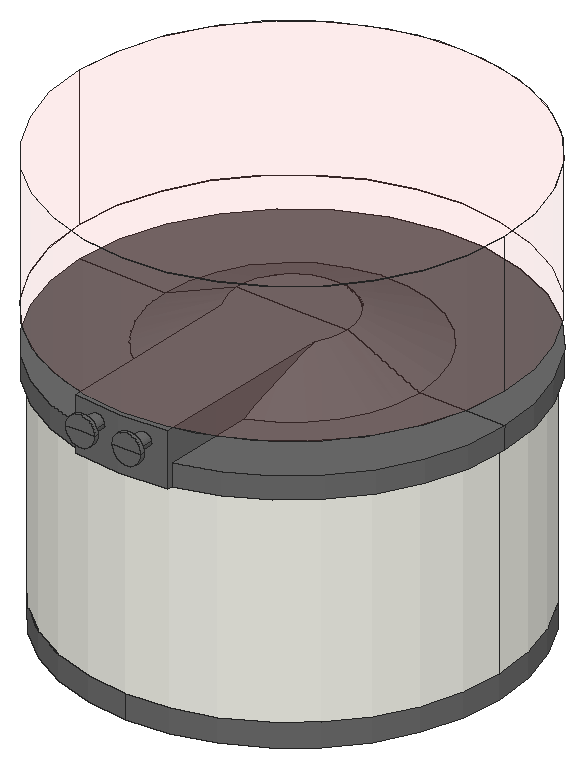
Revit family
Parameters (values of type "1045A")
  Watermarked By = "http://revitwatermark.com"
  Water_Ice Tank Volume = "410 Gallons"
  Warning = "Ice tanks are a component in an ice storage system including chillers, pumps, and controls. Contact CALMAC for IceBank® selection support to make sure all system components will work together properly."
  URL = "http://www.calmac.com/"
  Total Cooling Capacity [instance] = 0.0 ton
  Tank Net Usable Capacity = "41 Ton-Hrs"
  Surface Finish = Plastic- Calmac- Black
  Supply Coolant Temperature [instance] = -459.67 °F
  Storage Inlet Temperature [instance] = 60 °F
  Shipping Weight = 580.00 lbf
  Return Coolant Temperature [instance] = -459.67 °F
  Requires Plate Heat Exchanger [instance] = no
  Project/Customer = ""
  Product Page URL = "http://www.calmac.com/products/icebank.asp"
  Product Documentation Link = "http://www.calmac.com/products/documents/IceBankModel1045ACS-77June2009.pdf"
  Pressure Drop [instance] = 0.00 psi
  Precool Hours [instance] = 0
  Pipe Material = Plastic- Calmac- Black
  Operating Weight = 4380.00 lbf
  Occupied Hours [instance] = 0
  Model = "1045A"
  Maximum Operating Temperature = "38°C"
  Maximum Operating Pressure = "620 kPa"
  Manufacturer e-mail = "info@Calmac.com"
  Manufacturer Contact Details = "CALMAC Manufacturing Corporation Headquarters, 3-00 Banta Place, Fair Lawn, NJ  07410, Tel: (201) 797-1511, Fax: (201) 797-1522"
  Manufacturer = "CALMAC Manufacturing Corp."  # constant formula
  Main Use [instance] = ""
  Location [instance] = ""
  Lid Diameter = 6' - 1 3/4"  # constant formula
  Leg 4 = 3' - 0 7/8"  # constant formula
  Leg 1 = 3' - 0 7/8"  # constant formula
  Latent Cooling Capacity [instance] = 0.0 ton
  Inlet Outlet Center Height = 3' - 9 1/2"  # constant formula
  Heat Exchanger Volume = " 410 Gallons"
  Has Rigging Bar [instance] = no
  Has Plate and Frame Heat Exchanger [instance] = no
  Has Ice Inventory Meter [instance] = no
  Has Heat Transfer Fluid [instance] = no
  Has Glycol Management System [instance] = no
  Front Connector Offset = 3' - 4 7/8"  # constant formula
  Floor Loading Weight = "147 lb/sq.ft."
  Factory Tested Pressure = "1724 kPa"
  Diversity Factor [instance] = 0
  Discharge Rate [instance] = 0
  Discharge Hours [instance] = 0
  Description = "Off-Peak Cooling System"
  Connector Distance = 0' - 8"  # constant formula
  Is Clearance Box Visible [instance] = yes
  Clearance Box Height = 2' - 0"  # constant formula
  City/State [instance] = ""
  CTRL On = yes
  CTRL Off = not(CTRL On)  # no
  CTRL Hydronic Supply Description = "Hydronic Supply"  # constant formula
  CTRL Hydronic Return Description = "Hydronic Return"  # constant formula
  CTRL Base Radius = 2' - 11 63/64"  # constant formula
  Body Material = Plastic- Calmac- Off_White
  Has Solid Base [instance] = yes
  Base Height = Inlet Outlet Center Height - 0' 6 1/4"  # 3' - 3 1/4"
  Base Finish = Plastic- Calmac- Black
  Assembly Code = "D3030300"
  Actual Chilled Water Flow [instance] = 0 GPM
Values of the unnamed type that differ from the named types
  Watermarked By = ""
Reference planes (in)
  plane 1 "Center (Front/Back)": y = 0
  plane 2 "Bottom": z = 0
  plane 3 "Center (Left/Right)": x = 0
  plane 4 "T.O. Base": z = 39
  plane 5 "Right": x = 36.875
  plane 6 "Left": x = -36.875
  plane 7 "Connector Face": y = -40.875
  plane 8 "Back": y = 36.875
  plane 9 "Center Connector Left": x = -4
  plane 10 "Center Connector Right": x = 4
  plane 11 "Lid Front": y = -36.875
  plane 12 "T.O. Lid": z = 48.25
  plane 13 "Inlet/Outlet Center Elevation": z = 45.5
  plane 14 "Top": z = 74.75
Dimensions and locks (in)
  "Leg 1": plane 3 "Center (Left/Right)" to plane 5 "Right"
  "Leg 4": plane 6 "Left" to plane 3 "Center (Left/Right)"
  equal spacing: plane 9 "Center Connector Left", plane 3 "Center (Left/Right)", plane 10 "Center Connector Right"
  "Connector Distance": plane 9 "Center Connector Left" to plane 10 "Center Connector Right"
  equal spacing: plane 11 "Lid Front", plane 1 "Center (Front/Back)", plane 8 "Back", locked at 36.875 each
  locked: plane 12 "T.O. Lid" to plane 13 "Inlet/Outlet Center Elevation" at 2.75
  locked: plane 13 "Inlet/Outlet Center Elevation" to plane 4 "T.O. Base" at 6.5
  "Inlet Outlet Center Height": plane 13 "Inlet/Outlet Center Elevation" to plane 2 "Bottom"
  locked: plane 3 "Center (Left/Right)" to plane 9 "Center Connector Left" at 4
  locked: plane 10 "Center Connector Right" to plane 3 "Center (Left/Right)" at 4
  locked: plane 1 "Center (Front/Back)" to plane 8 "Back" at 36.875
  locked: plane 11 "Lid Front" to plane 1 "Center (Front/Back)" at 36.875
  locked: plane 14 "Top" to plane 13 "Inlet/Outlet Center Elevation" at 29.25
  "Front Connector Offset": plane 1 "Center (Front/Back)" to plane 7 "Connector Face"
  plane 7 "Connector Face" to plane 11 "Lid Front" = 0' - 4"
  aligned and locked: plane 1 "Center (Front/Back)" to nested 1
  aligned and locked: plane 1 "Center (Front/Back)" to nested 2
  aligned and locked: plane 4 "T.O. Base" to nested 2
  aligned and locked: plane 3 "Center (Left/Right)" to nested 2
  aligned: plane 4 "T.O. Base" to nested 1  (x2)
  aligned and locked: plane 2 "Bottom" to nested 1
  aligned and locked: plane 3 "Center (Left/Right)" to nested 1
Nested families (in)
  nested 1: "Cooling_Plant_Accessories-Calmac-IceBank-Base" at (0, 0, 0), type "Base"
    with Is Symbolic Line Visible no, Has Solid Base yes, CTRL Inner Wall Radius 2' - 11 7/64", CTRL Base Radius 2' - 11 63/64", Base Height 3' - 3 1/4"
  nested 2: "Cooling_Plant_Accessories-Calmac-IceBank-Lid_A" at (0, 0, 39), Diameter <- "Lid Diameter", Clearance Box Height <- "Clearance Box Height", Is Clearance Box Visible <- "Is Clearance Box Visible", type "Lid-A"
    with Is Clearance Box Visible yes, Diameter 6' - 1 3/4", Clearance Box Height 2' - 0", CTRL Symbolic Line Offset 0' - 6", CTRL Radius 3' - 0 7/8", CTRL Clearance Box Height 2' - 9"
Connectors (in)
  piping at (-3.99016, -40.875, 45.5), driven by "CTRL Hydronic Supply Description", driven by "Actual Chilled Water Flow"
    settings: on nested 2, index 1, connector radius 1", flow factor 0, pipe flow 0 GPM, pressure drop 0.00 psi, fitting loss kfactor 0, connector angle 0.00°, fixture units 0, flow configuration 0, flow direction 2, fitting loss method 0, system type 7, connector reference index -1, connector utility 0, adjustable connector no, is connector primary yes, fitting loss table "", connector description "Hydronic Supply"
  piping at (3.99933, -40.875, 45.5), driven by "Actual Chilled Water Flow", driven by "CTRL Hydronic Return Description"
    settings: on nested 2, index 2, connector radius 1", flow factor 0, pipe flow 0 GPM, pressure drop 0.00 psi, fitting loss kfactor 0, connector angle 0.00°, fixture units 0, flow configuration 0, flow direction 1, fitting loss method 0, system type 8, connector reference index -1, connector utility 0, adjustable connector no, is connector primary no, fitting loss table "", connector description "Hydronic Return"
Definition of nested family "Cooling_Plant_Accessories-Calmac-IceBank-Base"
  Parameters (values of type "Base")
    Wall Thickness = 0' - 0 7/8"
    URL = "http://www.calmac.com/"
    Type Comments = ""
    Is Symbolic Line Visible = not(Has Solid Base)  # yes
    Has Solid Base = no
    Model = ""
    Manufacturer = "CALMAC Manufacturing Corp."  # constant formula
    CTRL Inner Wall Radius = CTRL Base Radius - Wall Thickness  # 3' - 0"
    CTRL Base Radius = 3' - 0 7/8"
    Body Material = Plastic- Calmac- Off_White
    Base Height = 3' - 7 5/16"
    Base Finish = Plastic- Calmac- Black
    Assembly Code = "D3030"
  Reference planes (in)
    plane 1 "Center (Front/Back)": y = 0
    plane 2 "Bottom": z = 0
    plane 3 "Center (Left/Right)": x = 0
    plane 4 "Back": y = 36.875
    plane 5 "Front": y = -36.875
    plane 6 "Right": x = 36.875
    plane 7 "Left": x = -36.875
    plane 8 "T.O. Base Plate": z = 4
    plane 9 "Right Edge of Right Void": x = 24.125
    plane 10 "Left Edge of Right Void": x = 13.125
    plane 11 "Left Edge of Left Void": x = -24.125
    plane 12 "Right Edge of Left Void": x = -13.125
    plane 13 "T.O. Base Void": z = 2
    plane 14 "T.O. Base": z = 43.3125
  Forms (in)
    Extrusion 1, solid, material "Plastic- Calmac- Black" <- "Base Finish", visible <- "Is Symbolic Line Visible", detail levels fine
      sketch origin (0, 0, 0) x (1, 0, 0) y (0, 1, 0)
        loop
          circle (0, 0) r 36.875
      from 0 to 4
    Extrusion 2, void
      sketch origin (0, 0, 0) x (1, 0, 0) y (0, 1, 0)
        loop
          line (-24.125, 36.875) -> (-24.125, -36.875) -> (-13.125, -36.875) -> (-13.125, 36.875) -> (-24.125, 36.875)
        loop
          line (13.125, 36.875) -> (13.125, -36.875) -> (24.125, -36.875) -> (24.125, 36.875) -> (13.125, 36.875)
      from 0 to 2
    Extrusion 3, solid, material "Plastic- Calmac- Off_White" <- "Body Material", detail levels fine
      sketch origin (0, 0, 0) x (1, 0, 0) y (0, 1, 0)
        loop
          circle (0, 0) r 36.875
        loop
          circle (0, 0) r 36
      from 4 to 43.3125
    Extrusion 4, solid, material "Plastic- Calmac- Black" <- "Base Finish", visible <- "Has Solid Base", detail levels fine
      sketch origin (0, 0, 43.3125) x (0, -1, 0) y (1, 0, 0)
        loop
          circle (0, 0) r 36.875
      from -43.3125 to -39.3125
  Cuts and joins
    Extrusion 2 cuts Extrusion 3
    Extrusion 2 cuts Extrusion 1
  Lines and regions (in)
    Masking region 1
      outline origin (0, 0, 0) x (1, 0, 0) y (0, 1, 0)
        loop
          circle (0, 0) r 36.875
    Masking region 2
      outline origin (0, 0, 0) x (1, 0, 0) y (0, 0, 1)
        loop
          line (-36.875, 0) -> (36.875, 0) -> (36.875, 43.3125) -> (-36.875, 43.3125) -> (-36.875, 0)
    Masking region 3
      outline origin (0, 0, 0) x (0, 1, 0) y (0, 0, 1)
        loop
          line (-36.875, 0) -> (36.875, 0) -> (36.875, 43.3125) -> (-36.875, 43.3125) -> (-36.875, 0)
    symbolic lines, style "Base", detail levels medium+fine
      curve 1: line (-36.875, 0, 4) -> (36.875, 0, 4)
      curve 8: line (0, -36.875, 4) -> (0, 36.875, 4)
    symbolic lines, style "Base", visible <- "Is Symbolic Line Visible", detail levels medium+fine
      curve 2: line (-24.125, 0, 0) -> (-24.125, 0, 2)
      curve 3: line (-24.125, 0, 2) -> (-13.125, 0, 2)
      curve 4: line (13.125, 0, 2) -> (24.125, 0, 2)
      curve 5: line (13.125, 0, 0) -> (13.125, 0, 2)
      curve 6: line (24.125, 0, 0) -> (24.125, 0, 2)
      curve 7: line (-13.125, 0, 0) -> (-13.125, 0, 2)
    model lines, style "Base", detail levels medium
      curve 9: circle (0, 0, 43.3125) r 36.875 normal (0, 0, 1)
      curve 10: circle (0, 0, 4) r 36.875 normal (0, 0, 1)
      curve 11: circle (0, 0, 0) r 36.875 normal (0, 0, 1)
      curve 12: line (36.875, 0, 0) -> (36.875, 0, 43.3125)
      curve 13: line (-36.875, 0, 0) -> (-36.875, 0, 43.3125)
      curve 14: line (0, -36.875, 0) -> (0, -36.875, 43.3125)
      curve 15: line (0, 36.875, 0) -> (0, 36.875, 43.3125)
    model lines, style "Base", detail levels coarse
      curve 16: line (0, 0, 0) -> (0, 0, 43.3125)
  Dimensions and locks (in)
    locked: plane 7 "Left" to plane 11 "Left Edge of Left Void" at 12.75
    locked: plane 7 "Left" to plane 12 "Right Edge of Left Void" at 23.75
    locked: plane 9 "Right Edge of Right Void" to plane 6 "Right" at 12.75
    locked: plane 10 "Left Edge of Right Void" to plane 6 "Right" at 23.75
    "CTRL Base Radius": plane 7 "Left" to plane 3 "Center (Left/Right)"
    "CTRL Base Radius": plane 3 "Center (Left/Right)" to plane 6 "Right"
    "CTRL Base Radius": plane 1 "Center (Front/Back)" to plane 4 "Back"
    "CTRL Base Radius": plane 5 "Front" to plane 1 "Center (Front/Back)"
    locked: plane 8 "T.O. Base Plate" to plane 2 "Bottom" at 4
    "Base Height": plane 14 "T.O. Base" to plane 2 "Bottom"
    locked: plane 13 "T.O. Base Void" to plane 2 "Bottom" at 2
    "CTRL Base Radius": radius of Extrusion 1 sketch curve
    "CTRL Base Radius": radius of Extrusion 3 sketch curve
    "CTRL Inner Wall Radius": radius of Extrusion 3 sketch curve
    "CTRL Base Radius": radius of Masking region 1 sketch curve
    "CTRL Base Radius": radius of curve 9
    "CTRL Base Radius": radius of curve 10
    "CTRL Base Radius": radius of curve 11
    "CTRL Base Radius": radius of Extrusion 4 sketch curve
    aligned and locked: plane 3 "Center (Left/Right)" to Extrusion 1 sketch curve
    aligned and locked: plane 1 "Center (Front/Back)" to Extrusion 1 sketch curve
    aligned and locked: Extrusion 1 to plane 2 "Bottom"
    aligned and locked: plane 8 "T.O. Base Plate" to Extrusion 1
    aligned and locked: plane 2 "Bottom" to Extrusion 1
    aligned and locked: Extrusion 2 sketch curve to plane 4 "Back"  (x2)
    aligned and locked: Extrusion 2 sketch curve to plane 12 "Right Edge of Left Void"
    aligned and locked: plane 11 "Left Edge of Left Void" to Extrusion 2 sketch curve
    aligned and locked: Extrusion 2 sketch curve to plane 5 "Front"  (x2)
    aligned and locked: Extrusion 2 sketch curve to plane 10 "Left Edge of Right Void"
    aligned and locked: Extrusion 2 sketch curve to plane 9 "Right Edge of Right Void"
    aligned and locked: plane 13 "T.O. Base Void" to Extrusion 2
    aligned and locked: Extrusion 2 to plane 2 "Bottom"
    aligned and locked: Extrusion 2 to plane 5 "Front"
    aligned and locked: plane 4 "Back" to Extrusion 2
    aligned and locked: Extrusion 2 to plane 13 "T.O. Base Void"  (x2)
    aligned and locked: plane 11 "Left Edge of Left Void" to Extrusion 2
    aligned and locked: plane 2 "Bottom" to Extrusion 2  (x2)
    aligned and locked: Extrusion 2 to plane 12 "Right Edge of Left Void"
    aligned and locked: plane 10 "Left Edge of Right Void" to Extrusion 2
    aligned and locked: Extrusion 2 to plane 9 "Right Edge of Right Void"
    aligned and locked: plane 3 "Center (Left/Right)" to Extrusion 3 sketch curve  (x2)
    aligned and locked: plane 1 "Center (Front/Back)" to Extrusion 3 sketch curve  (x2)
    aligned and locked: Extrusion 3 to plane 8 "T.O. Base Plate"
    aligned and locked: plane 14 "T.O. Base" to Extrusion 3
    aligned and locked: plane 3 "Center (Left/Right)" to Masking region 1 sketch curve
    aligned and locked: plane 1 "Center (Front/Back)" to Masking region 1 sketch curve
    aligned and locked: Masking region 2 sketch curve to plane 14 "T.O. Base"
    aligned and locked: plane 6 "Right" to Masking region 2 sketch curve
    aligned and locked: plane 2 "Bottom" to Masking region 2 sketch curve
    aligned and locked: Masking region 2 sketch curve to plane 7 "Left"
    aligned and locked: plane 7 "Left" to curve 1
    aligned and locked: plane 6 "Right" to curve 1
    aligned and locked: curve 1 to plane 8 "T.O. Base Plate"
    aligned and locked: plane 11 "Left Edge of Left Void" to curve 3
    aligned and locked: plane 12 "Right Edge of Left Void" to curve 3
    aligned and locked: curve 3 to plane 13 "T.O. Base Void"
    aligned and locked: plane 2 "Bottom" to curve 2
    aligned and locked: curve 2 to plane 11 "Left Edge of Left Void"
    aligned and locked: plane 10 "Left Edge of Right Void" to curve 4
    aligned and locked: plane 9 "Right Edge of Right Void" to curve 4
    aligned and locked: plane 13 "T.O. Base Void" to curve 5
    aligned and locked: plane 13 "T.O. Base Void" to curve 6
    aligned and locked: plane 2 "Bottom" to curve 5
    aligned and locked: curve 5 to plane 10 "Left Edge of Right Void"
    aligned and locked: curve 6 to plane 9 "Right Edge of Right Void"
    aligned and locked: plane 13 "T.O. Base Void" to curve 7
    aligned and locked: plane 2 "Bottom" to curve 7
    aligned and locked: curve 7 to plane 12 "Right Edge of Left Void"
    aligned and locked: plane 5 "Front" to Masking region 3 sketch curve
    aligned and locked: plane 14 "T.O. Base" to Masking region 3 sketch curve
    aligned and locked: Masking region 3 sketch curve to plane 4 "Back"
    aligned and locked: plane 2 "Bottom" to Masking region 3 sketch curve
    aligned and locked: plane 4 "Back" to curve 8
    aligned and locked: plane 5 "Front" to curve 8
    aligned and locked: curve 8 to plane 8 "T.O. Base Plate"
    aligned and locked: plane 3 "Center (Left/Right)" to curve 9
    aligned and locked: plane 1 "Center (Front/Back)" to curve 9
    aligned and locked: curve 9 to plane 14 "T.O. Base"
    aligned and locked: curve 10 to plane 8 "T.O. Base Plate"
    aligned and locked: plane 3 "Center (Left/Right)" to curve 10
    aligned and locked: plane 1 "Center (Front/Back)" to curve 10
    aligned: curve 11 to plane 2 "Bottom"
    aligned and locked: plane 3 "Center (Left/Right)" to curve 11
    aligned and locked: plane 1 "Center (Front/Back)" to curve 11
    aligned and locked: plane 14 "T.O. Base" to curve 12
    aligned and locked: plane 14 "T.O. Base" to curve 13
    aligned and locked: plane 2 "Bottom" to curve 12
    aligned and locked: plane 2 "Bottom" to curve 13
    aligned and locked: curve 12 to plane 6 "Right"
    aligned and locked: curve 13 to plane 7 "Left"
    aligned and locked: curve 12 to plane 1 "Center (Front/Back)"
    aligned and locked: curve 13 to plane 1 "Center (Front/Back)"
    aligned and locked: plane 14 "T.O. Base" to curve 14
    aligned and locked: plane 14 "T.O. Base" to curve 15
    aligned and locked: plane 2 "Bottom" to curve 14
    aligned and locked: plane 2 "Bottom" to curve 15
    aligned and locked: plane 4 "Back" to curve 15
    aligned and locked: plane 5 "Front" to curve 14
    aligned and locked: plane 3 "Center (Left/Right)" to curve 14
    aligned and locked: plane 3 "Center (Left/Right)" to curve 15
    aligned and locked: plane 14 "T.O. Base" to curve 16
    aligned and locked: plane 2 "Bottom" to curve 16
    aligned and locked: plane 3 "Center (Left/Right)" to curve 16
    aligned and locked: curve 16 to plane 1 "Center (Front/Back)"
    aligned and locked: plane 1 "Center (Front/Back)" to Extrusion 4 sketch curve
    aligned and locked: plane 3 "Center (Left/Right)" to Extrusion 4 sketch curve
    aligned and locked: plane 8 "T.O. Base Plate" to Extrusion 4
    aligned and locked: Extrusion 4 to plane 2 "Bottom"
  Automatic sketch dimensions
    curve 6 to level = 0' - 0"
Definition of nested family "Cooling_Plant_Accessories-Calmac-IceBank-Lid_A"
  Parameters (values of type "Lid_A")
    Surface Finish = Default
    Pipe Material = none
    Diameter [instance] = 6' - 1 3/4"
    Is Clearance Box Visible [instance] = yes
    Clearance Box Height [instance] = 2' - 0"
    CTRL Symbolic Line Offset [instance] = 0' - 6"
    CTRL Radius [instance] = Diameter / 2  # 3' - 0 7/8"
    CTRL Clearance Box Height [instance] = Clearance Box Height + 0' 9"  # 2' - 9"
  Reference planes (in)
    plane 1 "Center (Front/Back)": y = 0
    plane 2 "Bottom": z = 0
    plane 3 "Center (Left/Right)": x = 0
    plane 4 "Back": y = 36.875
    plane 5 "Back Inset": y = 33.06
    plane 6 "Back Bolt Front": y = 33.873
    plane 7 "Front": y = -36.875
    plane 8 "Front Inset": y = -33.06
    plane 9 "Left": x = -36.875
    plane 10 "Left Lip Inset": x = -33.06
    plane 11 "Top Left": x = -9.54335
    plane 12 "Right": x = 36.875
    plane 13 "Top Right": x = 9.54335
    plane 14 "Top": z = 9
    plane 15 "Connector Center(Elevation)": z = 3.75
    plane 16 "Connector Channel Top": z = 8
    plane 17 "Bolt Inset Center": y = 34.87422
    plane 18 "Right Lip Inset": x = 33.06
    plane 19 "Center Offset Right 6": x = 7.19935
    plane 20 "Center OffSet Right 5": x = 6.29557
    plane 21 "Center Offset Right 4": x = 4.96584
    plane 22 "Center Offset Right 2": x = 3.03282
    plane 23 "Center Offset Right 1": x = 1.70309
    plane 24 "Center Offset Right 3": x = 3.99933
    plane 25 "Center Offset Left 6": x = -7.19935
    plane 26 "Center Offset Left 5": x = -6.2864
    plane 27 "Center Offset Left 4": x = -4.95667
    plane 28 "Center Offset Left 2": x = -3.02365
    plane 29 "Center Offset Left 1": x = -1.69392
    plane 30 "Center Offset Left 3": x = -3.99016
    plane 31 "Front Offset 1": y = -37.46731
    plane 32 "Center Offset 2": y = -9.54335
    plane 33 "Center Offset 1": y = -5.20418
    plane 34 "Front Offset 3": y = -40.875
    plane 35 "Front Offset 2": y = -40.25145
    plane 36 "Raised Geometry Right": x = 7.9995
    plane 37 "Raised Geometry Left": x = -7.9995
    plane 38 "Bolt Inset Right": x = 1
    plane 39 "Bolt Inset Left": x = -1
    plane 40: x = 15.52399
    plane 41 "Inspection Port Center (Front/ Back)": y = -23.90104
    plane 42 "T.O. Cllearance Box": z = 33
    plane 43: z = 8.75
    plane 44 "Connectors": z = 6.5
  Forms (in)
    Revolve 1, solid, material "Default" <- "Surface Finish", detail levels fine
      sketch origin (0, 0, 0) x (1, 0, 0) y (0, 0, 1)
        loop
          line (0, 9) -> (0, 0) -> (36.875, 0) -> (36.875, 3.75) -> (22.05979, 3.75) -> (9.54335, 9) -> (0, 9)
        axis (0, 9) -> (0, 0)
      angle from 0 to 360
    Extrusion 2, solid, material "Default" <- "Surface Finish", detail levels fine
      sketch origin (0, 0, 9) x (-1, 0, 0) y (0, -1, 0)
        loop
          arc (7.9995, 36.87418) -> (0.00004, 37.5924) -> (-7.9995, 36.875) r 44.93344
          line (-7.9995, 36.875) -> (-7.9995, 5.20418) -> (7.9995, 5.20418) -> (7.9995, 36.87418)
      from -9 to 0
    Extrusion 3, void
      sketch origin (0, 0, 9) x (-1, 0, 0) y (0, -1, 0)
        loop
          circle (-15.52399, 23.90104) r 2.46875
      from -5.25 to -1
  Cuts and joins
    Extrusion 3 cuts Revolve 1
    Extrusion 3 cuts Extrusion 2
    joined: Revolve 1, Extrusion 2
  Lines and regions (in)
    Masking region 1
      outline origin (0, 0, 3.75) x (-1, 0, 0) y (0, -1, 0)
        loop
          arc (36.83195, -1.78166) -> (29.31329, 22.3718) -> (7.9995, 35.99687) r 36.87501
          line (7.9995, 35.99687) -> (7.9995, 36.875) -> (-7.9995, 36.875) -> (-7.9995, 35.99687)
          arc (-7.9995, 35.99687) -> (-28.78844, 23.04328) -> (-36.87493, -0.0778) r 36.87501
          arc (-36.87493, -0.0778) -> (-0.8522, -36.86517) -> (36.83195, -1.78166) r 36.87501
    Masking region 2
      outline origin (0, -36.875, 0) x (1, 0, 0) y (0, 0, 1)
        loop
          line (-36.875, 0) -> (36.875, 0) -> (36.875, 3.75) -> (22.05979, 3.75) -> (9.54335, 9) -> (-9.54335, 9) -> (-22.05979, 3.75) -> (-36.875, 3.75) -> (-36.875, 0)
    Masking region 3
      outline origin (0, 0, 0) x (0, 1, 0) y (0, 0, 1)
        loop
          line (-37.46731, 0) -> (36.875, 0) -> (36.875, 3.75) -> (22.05979, 3.75) -> (9.54335, 9) -> (-37.46731, 9) -> (-37.46731, 0)
    model lines, style "Thermal Energy Storage", detail levels medium
      curve 1: arc (36.875, 0, 0) -> (36.7349, 3.21136, 0) -> (36.31566, 6.39832, 0) r 36.875
      curve 2: arc (36.31566, 6.39832, 0) -> (-36.7349, -3.21136, 0) -> (36.875, 0, 0) r 36.875
      curve 3: arc (-33.03411, -2.90444, 3.75) -> (-0.77581, 31.45886, 3.75) -> (33.0593, -1.35303, 3.75) r 33.06016
      curve 4: arc (33.0593, -1.35303, 3.75) -> (0.77581, -34.64326, 3.75) -> (-33.03411, -2.90444, 3.75) r 33.06016
      curve 5: line (-7.9995, -5.20418, 9) -> (-7.9995, -36.875, 9)
      curve 6: line (7.9995, -5.20418, 9) -> (7.9995, -36.875, 9)
      curve 7: line (-7.9995, -36.875, 9) -> (7.9995, -36.875, 9)
      curve 8: line (-7.9995, -36.875, 9) -> (-7.9995, -36.875, 0)
      curve 9: line (7.9995, -36.875, 9) -> (7.9995, -36.875, 0)
    model lines, style "Thermal Energy Storage", detail levels coarse
      curve 10: line (0, 0, 9) -> (0, 0, 0)
      curve 11: line (-36.875, 0, 9) -> (36.875, 0, 9)
      curve 12: line (0, 36.875, 9) -> (0, -37.46731, 9)
    symbolic lines, style "Thermal Energy Storage", detail levels medium+fine
      curve 13: line (-7.9995, -5.20418, 9) -> (-7.9995, -36.875, 9)
      curve 14: line (7.9995, -5.20418, 9) -> (7.9995, -36.875, 9)
      curve 15: arc (7.9995, -5.20418, 9) -> (0, 9.54335, 9) -> (-7.9995, -5.20418, 9) r 9.54335
      curve 16: arc (-33.06, 0, 9) -> (20.35314, 26.05213, 9) -> (7.9995, -32.07759, 9) r 33.06
      curve 17: arc (-33.06, 0, 9) -> (-26.05213, -20.35313, 9) -> (-7.9995, -32.07759, 9) r 33.06
      curve 21: circle (15.52399, -23.90104, 9) r 2.46875 normal (0, 0, 1)
      curve 22: line (-33.06, -36.875, 3.75) -> (33.06, -36.875, 3.75)
      curve 23: line (0, -37.46731, 3.75) -> (0, 33.06, 3.75)
      curve 24: line (0, -33.06, 3.75) -> (0, -5.20418, 9)
    symbolic lines, style "Thermal Energy Storage", not visible, detail levels medium+fine
      curve 18: arc (17.90724, 30.02329, 9) -> (18.26558, 28.67854, 9) -> (19.62099, 28.99417, 9) r 1
      curve 19: line (17.90724, 30.02329, 9) -> (18.91964, 31.59438, 9)
      curve 20: line (20.59914, 30.51212, 9) -> (19.62099, 28.99417, 9)
  Dimensions and locks (in)
    locked: plane 14 "Top" to plane 2 "Bottom" at 9
    locked: plane 16 "Connector Channel Top" to plane 2 "Bottom" at 8
    locked: plane 15 "Connector Center(Elevation)" to plane 2 "Bottom" at 3.75
    locked: plane 9 "Left" to plane 10 "Left Lip Inset" at 3.815
    "Diameter": plane 9 "Left" to plane 12 "Right"
    "Diameter": plane 7 "Front" to plane 4 "Back"
    locked: plane 3 "Center (Left/Right)" to plane 13 "Top Right" at 9.54335
    locked: plane 11 "Top Left" to plane 3 "Center (Left/Right)" at 9.54335
    locked: plane 17 "Bolt Inset Center" to plane 4 "Back" at 2.00078
    locked: plane 6 "Back Bolt Front" to plane 4 "Back" at 3.002
    locked: plane 5 "Back Inset" to plane 4 "Back" at 3.815
    locked: plane 8 "Front Inset" to plane 7 "Front" at 3.815
    equal spacing: plane 22 "Center Offset Right 2", plane 24 "Center Offset Right 3", plane 21 "Center Offset Right 4"
    equal spacing: plane 23 "Center Offset Right 1", plane 24 "Center Offset Right 3", plane 20 "Center OffSet Right 5"
    equal spacing: plane 28 "Center Offset Left 2", plane 30 "Center Offset Left 3", plane 27 "Center Offset Left 4"
    equal spacing: plane 29 "Center Offset Left 1", plane 30 "Center Offset Left 3", plane 26 "Center Offset Left 5"
    locked: plane 30 "Center Offset Left 3" to plane 3 "Center (Left/Right)" at 3.99016
    locked: plane 3 "Center (Left/Right)" to plane 24 "Center Offset Right 3" at 3.99933
    locked: plane 22 "Center Offset Right 2" to plane 21 "Center Offset Right 4" at 1.93302
    locked: plane 27 "Center Offset Left 4" to plane 28 "Center Offset Left 2" at 1.93302
    locked: plane 23 "Center Offset Right 1" to plane 20 "Center OffSet Right 5" at 4.59248
    locked: plane 26 "Center Offset Left 5" to plane 29 "Center Offset Left 1" at 4.59248
    equal spacing: plane 25 "Center Offset Left 6", plane 3 "Center (Left/Right)", plane 19 "Center Offset Right 6"
    locked: plane 25 "Center Offset Left 6" to plane 19 "Center Offset Right 6" at 14.39869
    equal spacing: plane 4 "Back", plane 1 "Center (Front/Back)", plane 7 "Front"
    locked: plane 18 "Right Lip Inset" to plane 12 "Right" at 3.815
    equal spacing: plane 9 "Left", plane 3 "Center (Left/Right)", plane 12 "Right"
    locked: plane 7 "Front" to plane 31 "Front Offset 1" at 0.59231
    locked: plane 7 "Front" to plane 34 "Front Offset 3" at 4
    locked: plane 33 "Center Offset 1" to plane 1 "Center (Front/Back)" at 5.20418
    locked: plane 32 "Center Offset 2" to plane 1 "Center (Front/Back)" at 9.54335
    locked: plane 37 "Raised Geometry Left" to plane 3 "Center (Left/Right)" at 7.9995
    locked: plane 3 "Center (Left/Right)" to plane 36 "Raised Geometry Right" at 7.9995
    locked: plane 39 "Bolt Inset Left" to plane 3 "Center (Left/Right)" at 1
    locked: plane 3 "Center (Left/Right)" to plane 38 "Bolt Inset Right" at 1
    locked: plane 3 "Center (Left/Right)" to plane 40 at 15.52399
    locked: plane 41 "Inspection Port Center (Front/ Back)" to plane 1 "Center (Front/Back)" at 23.90104
    "CTRL Clearance Box Height": plane 42 "T.O. Cllearance Box" to plane 2 "Bottom"
    locked: plane 35 "Front Offset 2" to plane 34 "Front Offset 3" at 0.62355
    plane 14 "Top" to plane 2 "Bottom" = 0' - 9"
    locked: plane 14 "Top" to plane 44 "Connectors" at 2.5
    radius of Extrusion 2 sketch curve = 3' - 8.93344"
    aligned and locked: Extrusion 2 to plane 2 "Bottom"
    aligned: plane 16 "Connector Channel Top" to Extrusion 2
    aligned and locked: plane 14 "Top" to Extrusion 2
    aligned and locked: plane 36 "Raised Geometry Right" to Extrusion 2 sketch curve
    aligned and locked: plane 33 "Center Offset 1" to Extrusion 2 sketch curve
    aligned and locked: Extrusion 2 sketch curve to plane 37 "Raised Geometry Left"
    aligned and locked: plane 7 "Front" to Extrusion 2 sketch curve
    aligned and locked: nested 1 to plane 30 "Center Offset Left 3"
    aligned and locked: nested 2 to plane 34 "Front Offset 3"
    aligned and locked: plane 24 "Center Offset Right 3" to nested 2
    aligned: plane 15 "Connector Center(Elevation)" to nested 2
    aligned and locked: plane 3 "Center (Left/Right)" to curve 4
    aligned and locked: plane 3 "Center (Left/Right)" to curve 3
    aligned and locked: plane 33 "Center Offset 1" to curve 5
    aligned and locked: plane 7 "Front" to curve 6
    aligned and locked: plane 7 "Front" to curve 5
    aligned and locked: plane 36 "Raised Geometry Right" to curve 6
    aligned and locked: plane 37 "Raised Geometry Left" to curve 5
    aligned and locked: plane 14 "Top" to curve 6
    aligned and locked: plane 14 "Top" to curve 5
    aligned and locked: curve 7 to plane 7 "Front"
    aligned and locked: plane 14 "Top" to curve 9
    aligned and locked: plane 2 "Bottom" to curve 9
    aligned and locked: plane 14 "Top" to curve 8
    aligned and locked: plane 2 "Bottom" to curve 8
    aligned and locked: plane 36 "Raised Geometry Right" to curve 9
    aligned and locked: plane 37 "Raised Geometry Left" to curve 8
    aligned and locked: curve 9 to plane 7 "Front"
    aligned and locked: curve 8 to plane 7 "Front"
    aligned and locked: plane 14 "Top" to curve 10
    aligned and locked: plane 2 "Bottom" to curve 10
    aligned and locked: curve 10 to plane 3 "Center (Left/Right)"
    aligned and locked: plane 1 "Center (Front/Back)" to curve 10
    aligned and locked: plane 12 "Right" to curve 11
    aligned and locked: plane 9 "Left" to curve 11
    aligned and locked: plane 1 "Center (Front/Back)" to curve 11
    aligned and locked: curve 11 to plane 14 "Top"
    aligned and locked: plane 4 "Back" to curve 12
    aligned and locked: curve 12 to plane 3 "Center (Left/Right)"
    aligned and locked: plane 31 "Front Offset 1" to curve 12
    aligned and locked: plane 14 "Top" to cut or joined group of Revolve 1, Extrusion 2, Extrusion 3
    aligned and locked: plane 7 "Front" to curve 14
    aligned and locked: plane 7 "Front" to curve 13
    aligned and locked: plane 1 "Center (Front/Back)" to curve 15
    aligned and locked: plane 3 "Center (Left/Right)" to curve 15
    aligned and locked: plane 1 "Center (Front/Back)" to cut or joined group of Revolve 1, Extrusion 2, Extrusion 3
    aligned and locked: plane 1 "Center (Front/Back)" to curve 17
    aligned and locked: cut or joined group of Revolve 1, Extrusion 2, Extrusion 3 to Masking region 1 sketch curve  (x2)
    aligned and locked: plane 36 "Raised Geometry Right" to Masking region 1 sketch curve
    aligned and locked: plane 40 to Extrusion 3 sketch curve
    aligned and locked: plane 41 "Inspection Port Center (Front/ Back)" to Extrusion 3 sketch curve
    aligned and locked: Extrusion 3 to plane 15 "Connector Center(Elevation)"
    aligned and locked: plane 16 "Connector Channel Top" to Extrusion 3
    aligned and locked: plane 1 "Center (Front/Back)" to nested 3
    aligned and locked: plane 3 "Center (Left/Right)" to nested 3
    aligned and locked: plane 40 to curve 21
    aligned and locked: plane 41 "Inspection Port Center (Front/ Back)" to curve 21
    aligned and locked: plane 3 "Center (Left/Right)" to nested 24
    aligned and locked: plane 1 "Center (Front/Back)" to nested 24
    aligned: plane 2 "Bottom" to nested 24
    aligned: plane 14 "Top" to nested 24  (x2)
    aligned: plane 42 "T.O. Cllearance Box" to nested 24
    aligned: nested 24 to plane 42 "T.O. Cllearance Box"
    aligned and locked: nested 24 to plane 12 "Right"
    aligned and locked: nested 24 to plane 9 "Left"
    aligned and locked: plane 15 "Connector Center(Elevation)" to Masking region 2 sketch curve
    aligned and locked: Masking region 2 sketch curve to plane 9 "Left"
    aligned and locked: plane 2 "Bottom" to Masking region 2 sketch curve
    aligned and locked: Masking region 2 sketch curve to plane 11 "Top Left"
    aligned and locked: plane 14 "Top" to Masking region 2 sketch curve
    aligned and locked: Masking region 2 sketch curve to plane 13 "Top Right"
    aligned and locked: Masking region 2 sketch curve to plane 15 "Connector Center(Elevation)"
    aligned and locked: plane 12 "Right" to Masking region 2 sketch curve
    aligned and locked: curve 22 to plane 15 "Connector Center(Elevation)"
    aligned and locked: plane 10 "Left Lip Inset" to curve 22
    aligned and locked: plane 18 "Right Lip Inset" to curve 22
    aligned and locked: Masking region 3 sketch curve to plane 14 "Top"
    aligned and locked: plane 31 "Front Offset 1" to Masking region 3 sketch curve
    aligned and locked: plane 2 "Bottom" to Masking region 3 sketch curve
    aligned and locked: plane 4 "Back" to Masking region 3 sketch curve
    aligned and locked: Masking region 3 sketch curve to plane 15 "Connector Center(Elevation)"
    aligned and locked: plane 15 "Connector Center(Elevation)" to cut or joined group of Revolve 1, Extrusion 2, Extrusion 3
    aligned and locked: plane 31 "Front Offset 1" to curve 23
    aligned and locked: plane 5 "Back Inset" to curve 23
    aligned and locked: plane 8 "Front Inset" to curve 24
    aligned and locked: plane 33 "Center Offset 1" to curve 24
    aligned and locked: plane 2 "Bottom" to cut or joined group of Revolve 1, Extrusion 2, Extrusion 3
    aligned and locked: plane 42 "T.O. Cllearance Box" to nested 24
    aligned and locked: nested 24 to plane 14 "Top"
    aligned and locked: plane 44 "Connectors" to nested 1
    aligned and locked: plane 44 "Connectors" to nested 2
  Automatic sketch dimensions
    plane 3 "Center (Left/Right)" to Extrusion 2 sketch curve = 0' - 0.00227"
    Revolve 1 sketch curve to plane 3 "Center (Left/Right)" = 0' - 0"  (x2)
    plane 13 "Top Right" to Revolve 1 sketch curve = 0' - 0"
    plane 15 "Connector Center(Elevation)" to Revolve 1 sketch curve = 0' - 0"
    plane 18 "Right Lip Inset" to Revolve 1 sketch curve = 0' - 11.00021"
    Revolve 1 sketch curve to level = 0' - 0"  (x2)
    plane 12 "Right" to Revolve 1 sketch curve = 0' - 0"
    Revolve 1 sketch curve to plane 14 "Top" = 0' - 0"  (x2)
    Masking region 1 sketch curve to Masking region 1 sketch curve = 0' - 0"  (x4)
    plane 1 "Center (Front/Back)" to Masking region 1 sketch curve = 0' - 0"
    Masking region 1 sketch curve to plane 3 "Center (Left/Right)" = 0' - 0"
    plane 12 "Right" to Masking region 1 sketch curve = 0' - 0.00007"
    plane 9 "Left" to Masking region 1 sketch curve = 0' - 0.04305"
    Masking region 1 sketch curve to plane 1 "Center (Front/Back)" = 0' - 0.0778"
    curve 24 to plane 14 "Top" = 0' - 0"
    curve 23 to plane 15 "Connector Center(Elevation)" = 0' - 0"
    Masking region 1 sketch curve to plane 7 "Front" = 0' - 0"
    plane 10 "Left Lip Inset" to Masking region 2 sketch curve = 0' - 11.00021"
    Masking region 2 sketch curve to plane 40 = 0' - 6.5358"
    Masking region 3 sketch curve to plane 1 "Center (Front/Back)" = 0' - 9.54335"
    plane 5 "Back Inset" to Masking region 3 sketch curve = 0' - 11.00021"
    curve 16 to curve 17 = 0' - 0"
    curve 17 to plane 10 "Left Lip Inset" = 0' - 0"
    curve 16 to plane 10 "Left Lip Inset" = 0' - 0"
    plane 3 "Center (Left/Right)" to curve 16 = 0' - 0"
    curve 1 to curve 2 = 0' - 0"  (x2)
    plane 1 "Center (Front/Back)" to curve 2 = 0' - 0"
    curve 2 to plane 3 "Center (Left/Right)" = 0' - 0"
    curve 2 to plane 12 "Right" = 0' - 0"
    plane 12 "Right" to curve 1 = 0' - 0.55934"
    curve 3 to curve 4 = 0' - 0"
    plane 18 "Right Lip Inset" to curve 3 = 0' - 0.0007"
    plane 10 "Left Lip Inset" to curve 4 = 0' - 0.02589"
    plane 1 "Center (Front/Back)" to curve 4 = 0' - 1.35303"
    plane 1 "Center (Front/Back)" to curve 4 = 0' - 1.5922"
    radius of Extrusion 3 sketch curve = 0' - 2 15/32"
    radius of curve 21 = 0' - 2 15/32"
  Nested families (in)
    nested 1: "Cooling_Plant_Accessories-Calmac-IceBank-2-Inch Flanged Connection" at (-3.99016, -36.875, 6.5) x (0, -1, 0) z (0, 0, 1), Pipe Material <- "Pipe Material", type "2-Inch Flanged Connection"
      with Pipe Material none
    nested 2: "Cooling_Plant_Accessories-Calmac-IceBank-2-Inch Flanged Connection" at (3.99933, -36.875, 6.5) x (0, -1, 0) z (0, 0, 1), Pipe Material <- "Pipe Material", type "2-Inch Flanged Connection"
      with Pipe Material none
    nested 3: "Cooling_Plant_Accessories-Calmac-Icebank-Inset Symbolic Lines-2D" at (0, 0, 6), Diameter <- "Diameter", built-in parameter 1001364 <- "CTRL Symbolic Line Offset", type "Inset Symbolic Lines", detail levels fine
      with Diameter 6' - 1 3/4", CTRL Radius 3' - 0 7/8"
    nested 4: "Cooling_Plant_Accessories-Calmac-Icebank-Inset Symbolic Lines-2D" at (0, 0, 6) x (0.9595, -0.2817, 0) z (0, 0, 1), Diameter <- "Diameter", built-in parameter 1001364 <- "CTRL Symbolic Line Offset", type "Inset Symbolic Lines", detail levels fine
      with Diameter 6' - 1 3/4", CTRL Radius 3' - 0 7/8"
    nested 5: "Cooling_Plant_Accessories-Calmac-Icebank-Inset Symbolic Lines-2D" at (0, 0, 6) x (0.8413, -0.5405, 0) z (0, 0, 1), Diameter <- "Diameter", built-in parameter 1001364 <- "CTRL Symbolic Line Offset", type "Inset Symbolic Lines", detail levels fine
      with Diameter 6' - 1 3/4", CTRL Radius 3' - 0 7/8"
    nested 6: "Cooling_Plant_Accessories-Calmac-Icebank-Inset Symbolic Lines-2D" at (0, 0, 6) x (0.655, -0.7556, 0) z (0, 0, 1), Diameter <- "Diameter", built-in parameter 1001364 <- "CTRL Symbolic Line Offset", type "Inset Symbolic Lines", detail levels fine
      with Diameter 6' - 1 3/4", CTRL Radius 3' - 0 7/8"
    nested 7: "Cooling_Plant_Accessories-Calmac-Icebank-Inset Symbolic Lines-2D" at (0, 0, 6) x (0.4156, -0.9095, 0) z (0, 0, 1), Diameter <- "Diameter", built-in parameter 1001364 <- "CTRL Symbolic Line Offset", type "Inset Symbolic Lines", detail levels fine
      with Diameter 6' - 1 3/4", CTRL Radius 3' - 0 7/8"
    nested 8: "Cooling_Plant_Accessories-Calmac-Icebank-Inset Symbolic Lines-2D" at (0, 0, 6) x (0.1426, -0.9898, 0) z (0, 0, 1), Diameter <- "Diameter", built-in parameter 1001364 <- "CTRL Symbolic Line Offset", type "Inset Symbolic Lines", detail levels fine
      with Diameter 6' - 1 3/4", CTRL Radius 3' - 0 7/8"
    nested 9: "Cooling_Plant_Accessories-Calmac-Icebank-Inset Symbolic Lines-2D" at (0, 0, 6) x (-0.1419, -0.9899, 0) z (0, 0, 1), Diameter <- "Diameter", built-in parameter 1001364 <- "CTRL Symbolic Line Offset", type "Inset Symbolic Lines", detail levels fine
      with Diameter 6' - 1 3/4", CTRL Radius 3' - 0 7/8"
    nested 10: "Cooling_Plant_Accessories-Calmac-Icebank-Inset Symbolic Lines-2D" at (0, 0, 6) x (-0.415, -0.9098, 0) z (0, 0, 1), Diameter <- "Diameter", built-in parameter 1001364 <- "CTRL Symbolic Line Offset", type "Inset Symbolic Lines", detail levels fine
      with Diameter 6' - 1 3/4", CTRL Radius 3' - 0 7/8"
    nested 11: "Cooling_Plant_Accessories-Calmac-Icebank-Inset Symbolic Lines-2D" at (0, 0, 6) x (-0.6545, -0.7561, 0) z (0, 0, 1), Diameter <- "Diameter", built-in parameter 1001364 <- "CTRL Symbolic Line Offset", type "Inset Symbolic Lines", detail levels fine
      with Diameter 6' - 1 3/4", CTRL Radius 3' - 0 7/8"
    nested 12: "Cooling_Plant_Accessories-Calmac-Icebank-Inset Symbolic Lines-2D" at (0, 0, 6) x (-0.8409, -0.5411, 0) z (0, 0, 1), Diameter <- "Diameter", built-in parameter 1001364 <- "CTRL Symbolic Line Offset", type "Inset Symbolic Lines", detail levels fine
      with Diameter 6' - 1 3/4", CTRL Radius 3' - 0 7/8"
    nested 13: "Cooling_Plant_Accessories-Calmac-Icebank-Inset Symbolic Lines-2D" at (0, 0, 6) x (-0.9593, -0.2823, 0) z (0, 0, 1), Diameter <- "Diameter", built-in parameter 1001364 <- "CTRL Symbolic Line Offset", type "Inset Symbolic Lines", detail levels fine
      with Diameter 6' - 1 3/4", CTRL Radius 3' - 0 7/8"
    nested 14: "Cooling_Plant_Accessories-Calmac-Icebank-Inset Symbolic Lines-2D" at (0, 0, 6) x (-0.9597, 0.281, 0) z (0, 0, 1), Diameter <- "Diameter", built-in parameter 1001364 <- "CTRL Symbolic Line Offset", type "Inset Symbolic Lines", detail levels fine
      with Diameter 6' - 1 3/4", CTRL Radius 3' - 0 7/8"
    nested 15: "Cooling_Plant_Accessories-Calmac-Icebank-Inset Symbolic Lines-2D" at (0, 0, 6) x (-0.8417, 0.5399, 0) z (0, 0, 1), Diameter <- "Diameter", built-in parameter 1001364 <- "CTRL Symbolic Line Offset", type "Inset Symbolic Lines", detail levels fine
      with Diameter 6' - 1 3/4", CTRL Radius 3' - 0 7/8"
    nested 16: "Cooling_Plant_Accessories-Calmac-Icebank-Inset Symbolic Lines-2D" at (0, 0, 6) x (-0.6555, 0.7552, 0) z (0, 0, 1), Diameter <- "Diameter", built-in parameter 1001364 <- "CTRL Symbolic Line Offset", type "Inset Symbolic Lines", detail levels fine
      with Diameter 6' - 1 3/4", CTRL Radius 3' - 0 7/8"
    nested 17: "Cooling_Plant_Accessories-Calmac-Icebank-Inset Symbolic Lines-2D" at (0, 0, 6) x (-0.4163, 0.9092, 0) z (0, 0, 1), Diameter <- "Diameter", built-in parameter 1001364 <- "CTRL Symbolic Line Offset", type "Inset Symbolic Lines", detail levels fine
      with Diameter 6' - 1 3/4", CTRL Radius 3' - 0 7/8"
    nested 18: "Cooling_Plant_Accessories-Calmac-Icebank-Inset Symbolic Lines-2D" at (0, 0, 6) x (-0.1433, 0.9897, 0) z (0, 0, 1), Diameter <- "Diameter", built-in parameter 1001364 <- "CTRL Symbolic Line Offset", type "Inset Symbolic Lines", detail levels fine
      with Diameter 6' - 1 3/4", CTRL Radius 3' - 0 7/8"
    nested 19: "Cooling_Plant_Accessories-Calmac-Icebank-Inset Symbolic Lines-2D" at (0, 0, 6) x (0.1412, 0.99, 0) z (0, 0, 1), Diameter <- "Diameter", built-in parameter 1001364 <- "CTRL Symbolic Line Offset", type "Inset Symbolic Lines", detail levels fine
      with Diameter 6' - 1 3/4", CTRL Radius 3' - 0 7/8"
    nested 20: "Cooling_Plant_Accessories-Calmac-Icebank-Inset Symbolic Lines-2D" at (0, 0, 6) x (0.4144, 0.9101, 0) z (0, 0, 1), Diameter <- "Diameter", built-in parameter 1001364 <- "CTRL Symbolic Line Offset", type "Inset Symbolic Lines", detail levels fine
      with Diameter 6' - 1 3/4", CTRL Radius 3' - 0 7/8"
    nested 21: "Cooling_Plant_Accessories-Calmac-Icebank-Inset Symbolic Lines-2D" at (0, 0, 6) x (0.6539, 0.7565, 0) z (0, 0, 1), Diameter <- "Diameter", built-in parameter 1001364 <- "CTRL Symbolic Line Offset", type "Inset Symbolic Lines", detail levels fine
      with Diameter 6' - 1 3/4", CTRL Radius 3' - 0 7/8"
    nested 22: "Cooling_Plant_Accessories-Calmac-Icebank-Inset Symbolic Lines-2D" at (0, 0, 6) x (0.8406, 0.5417, 0) z (0, 0, 1), Diameter <- "Diameter", built-in parameter 1001364 <- "CTRL Symbolic Line Offset", type "Inset Symbolic Lines", detail levels fine
      with Diameter 6' - 1 3/4", CTRL Radius 3' - 0 7/8"
    nested 23: "Cooling_Plant_Accessories-Calmac-Icebank-Inset Symbolic Lines-2D" at (0, 0, 6) x (0.9591, 0.283, 0) z (0, 0, 1), Diameter <- "Diameter", built-in parameter 1001364 <- "CTRL Symbolic Line Offset", type "Inset Symbolic Lines", detail levels fine
      with Diameter 6' - 1 3/4", CTRL Radius 3' - 0 7/8"
    nested 24: "Cooling_Plant_Accessories-Calmac-IcebankClearance Box" at (0, 0, 15), CTRL Radius <- "CTRL Radius", visible <- "Is Clearance Box Visible", type "Include Clearance"
      with Width 6' - 1 3/4", Height 2' - 0", Depth 6' - 1 3/4", CTRL Radius 3' - 0 7/8"
  Definition of nested family "Cooling_Plant_Accessories-Calmac-IceBank-2-Inch Flanged Connection"
    Parameters (values of type "2"")
      Pipe Material [instance] = none
    Reference planes (in)
      plane 1 "Center (Front/Back)": y = 0
      plane 2 "Center (Elevation)": z = 0
      plane 3 "Center (Left/Right)": x = 0
      plane 4 "Back": y = 2.5
      plane 5 "Back Face": x = 3.375
      plane 6 "Base Back": y = 1.25
      plane 7 "Fase Back": y = 2
      plane 8 "Front": y = -2.5
      plane 9 "Base Front": y = -1.25
      plane 10 "Face Front": y = -2
      plane 11 "Face": x = 4
      plane 12 "T.O. Pipe": z = 1.25
      plane 13 "T.O. Flange": z = 2.5
      plane 14 "B.O. Flange": z = -2.5
      plane 15 "B.O. Pipe": z = -1.25
    Forms (in)
      Revolve 1, solid, material <- "Pipe Material", detail levels fine
        sketch origin (0, 0, 0) x (1, 0, 0) y (0, 1, 0)
          loop
            line (0, 1.25) -> (0, 0) -> (4, 0) -> (4, 2.5) -> (3.375, 2.5) -> (3.375, 1.25) -> (0, 1.25)
          axis (0, 0) -> (4, 0)
        angle from 0 to 360
    Lines and regions (in)
      Masking region 1, detail levels fine
        outline origin (0, 0, 0) x (0, 1, 0) y (0, 0, 1)
          loop
            circle (0, 0) r 2.5
      Masking region 2, detail levels fine
        outline origin (0, 0, 0) x (1, 0, 0) y (0, 0, 1)
          loop
            line (4, 2.5) -> (3.375, 2.5) -> (3.375, 1.25) -> (0, 1.25) -> (0, -1.25) -> (3.375, -1.25) -> (3.375, -2.5) -> (4, -2.5) -> (4, 2.5)
      Masking region 3, detail levels fine
        outline origin (0, 0, 0) x (1, 0, 0) y (0, 1, 0)
          loop
            line (0, 1.25) -> (0, -1.25) -> (3.375, -1.25) -> (3.375, -2.5) -> (4, -2.5) -> (4, 2.5) -> (3.375, 2.5) -> (3.375, 1.25) -> (0, 1.25)
      model lines, style "Piping", detail levels medium
        curve 1: line (0, 0, 0) -> (4, 0, 0)
        curve 2: arc (4, -2.5, 0) -> (4, 0, 2.5) -> (4, 2.5, 0) r 2.5
        curve 3: arc (4, 2.5, 0) -> (4, 0, -2.5) -> (4, -2.5, 0) r 2.5
      symbolic lines, detail levels coarse+medium
        curve 4: line (0, 0, 0) -> (4, 0, 0)
        curve 5: line (0, 0, 0) -> (4, 0, 0)
    Dimensions and locks (in)
      locked: plane 4 "Back" to plane 7 "Fase Back" at 0.5
      locked: plane 4 "Back" to plane 6 "Base Back" at 1.25
      locked: plane 8 "Front" to plane 10 "Face Front" at 0.5
      locked: plane 8 "Front" to plane 9 "Base Front" at 1.25
      locked: plane 1 "Center (Front/Back)" to plane 6 "Base Back" at 1.25
      locked: plane 9 "Base Front" to plane 1 "Center (Front/Back)" at 1.25
      locked: plane 3 "Center (Left/Right)" to plane 11 "Face" at 4
      plane 2 "Center (Elevation)" to Masking region 2 sketch curve = 0' - 2 1/2"
      plane 2 "Center (Elevation)" to Masking region 2 sketch curve = 0' - 1 1/4"
      Masking region 2 sketch curve to plane 2 "Center (Elevation)" = 0' - 1 1/4"
      Masking region 2 sketch curve to plane 2 "Center (Elevation)" = 0' - 2 1/2"
      locked: plane 5 "Back Face" to plane 11 "Face" at 0.625
      locked: plane 2 "Center (Elevation)" to plane 15 "B.O. Pipe" at 1.25
      locked: plane 2 "Center (Elevation)" to plane 14 "B.O. Flange" at 2.5
      locked: plane 12 "T.O. Pipe" to plane 2 "Center (Elevation)" at 1.25
      locked: plane 13 "T.O. Flange" to plane 2 "Center (Elevation)" at 2.5
      aligned and locked: Revolve 1 sketch curve to plane 3 "Center (Left/Right)"
      aligned and locked: Revolve 1 sketch curve to plane 5 "Back Face"
      aligned and locked: Revolve 1 sketch curve to plane 11 "Face"
      aligned and locked: Revolve 1 sketch curve to plane 1 "Center (Front/Back)"
      aligned and locked: Revolve 1 sketch curve to plane 4 "Back"
      aligned and locked: Revolve 1 sketch curve to plane 6 "Base Back"
      aligned and locked: plane 1 "Center (Front/Back)" to Revolve 1 sketch curve  (x2)
      aligned and locked: plane 3 "Center (Left/Right)" to Revolve 1 sketch curve
      aligned and locked: Masking region 1 sketch curve to Revolve 1  (x2)
      aligned and locked: Masking region 2 sketch curve to Revolve 1  (x3)
      aligned and locked: Masking region 2 sketch curve to plane 5 "Back Face"
      aligned and locked: Masking region 2 sketch curve to plane 3 "Center (Left/Right)"
      aligned and locked: Masking region 3 sketch curve to plane 3 "Center (Left/Right)"
      aligned and locked: Masking region 3 sketch curve to plane 4 "Back"
      aligned and locked: Masking region 3 sketch curve to plane 6 "Base Back"
      aligned and locked: plane 9 "Base Front" to Masking region 3 sketch curve
      aligned and locked: plane 8 "Front" to Masking region 3 sketch curve
      aligned and locked: Masking region 3 sketch curve to plane 11 "Face"
      aligned and locked: Masking region 3 sketch curve to plane 5 "Back Face"  (x2)
      aligned and locked: plane 1 "Center (Front/Back)" to curve 1
      aligned and locked: plane 3 "Center (Left/Right)" to curve 1
      aligned and locked: curve 2 to Revolve 1
      aligned and locked: curve 3 to Revolve 1
      aligned and locked: plane 11 "Face" to curve 1
      aligned and locked: plane 11 "Face" to curve 4
      aligned and locked: plane 3 "Center (Left/Right)" to curve 4
      aligned and locked: plane 1 "Center (Front/Back)" to curve 4
      aligned and locked: plane 11 "Face" to curve 5
      aligned and locked: plane 3 "Center (Left/Right)" to curve 5
      aligned and locked: curve 5 to plane 2 "Center (Elevation)"
      aligned and locked: Masking region 2 sketch curve to plane 12 "T.O. Pipe"
      aligned and locked: Masking region 2 sketch curve to plane 13 "T.O. Flange"
      aligned and locked: plane 14 "B.O. Flange" to Masking region 2 sketch curve
      aligned and locked: Masking region 2 sketch curve to plane 15 "B.O. Pipe"
  Definition of nested family "Cooling_Plant_Accessories-Calmac-IcebankClearance Box"
    Parameters (values of type "Include Clearance")
      Width [instance] = CTRL Radius * 2  # 7' - 5"
      Height [instance] = 3' - 0"
      Depth [instance] = CTRL Radius * 2  # 7' - 5"
      Clearance Top = 0' - 0"
      Clearance Right = 0' - 0"
      Clearance Material = Clearance
      Clearance Left = 0' - 0"
      Clearance Front = 0' - 0"
      Clearance Bottom = 0' - 0"
      Clearance Back = 0' - 0"
      CTRL Radius [instance] = 3' - 8 1/2"
      Assembly Code = ""
    Reference planes (in)
      plane 1 "Center (Front/Back)": y = 0
      plane 2 "Bottom": z = -6
      plane 3 "Center (Left/Right)": x = 0
      plane 4 "Clearance Front": y = -44.5
      plane 5 "Top": z = 30
      plane 6 "Back": y = 44.5
      plane 7 "Left": x = -44.5
      plane 8 "Front": y = -44.5
      plane 9 "Right": x = 44.5
      plane 10 "Clearance Back": y = 44.5
      plane 11 "Clearance Left": x = -44.5
      plane 12 "Clearance Right": x = 44.5
      plane 13 "Clearance Top": z = 30
      plane 14 "Clearance Bottom": z = -6
      plane 15 "Center (Elevation)": z = 12
    Forms (in)
      Extrusion 1, solid, material "Clearance" <- "Clearance Material"
        sketch origin (0, 0, 30) x (-1, 0, 0) y (0, -1, 0)
          loop
            circle (0, 0) r 44.5
        from -36 to 0
    Lines and regions (in)
      symbolic lines, style "Clearance"
        curve 1: line (-44.5, 0, 30) -> (44.5, 0, 30)
        curve 2: line (-44.5, 0, -6) -> (-44.5, 0, 30)
        curve 3: line (44.5, 0, -6) -> (-44.5, 0, -6)
        curve 4: line (44.5, 0, 30) -> (44.5, 0, -6)
        curve 5: line (0, -44.5, 30) -> (0, 44.5, 30)
        curve 6: line (0, -44.5, -6) -> (0, -44.5, 30)
        curve 7: line (0, 44.5, -6) -> (0, -44.5, -6)
        curve 8: line (0, 44.5, 30) -> (0, 44.5, -6)
        curve 9: circle (0, 0, 30) r 44.5 normal (0, 0, 1)
    Dimensions and locks (in)
      "Height": plane 5 "Top" to plane 2 "Bottom"
      "Depth": plane 6 "Back" to plane 8 "Front"
      "Width": plane 7 "Left" to plane 9 "Right"
      equal spacing: plane 7 "Left", plane 3 "Center (Left/Right)", plane 9 "Right"
      equal spacing: plane 6 "Back", plane 1 "Center (Front/Back)", plane 8 "Front"
      "Clearance Bottom": plane 2 "Bottom" to plane 14 "Clearance Bottom"
      "Clearance Top": plane 13 "Clearance Top" to plane 5 "Top"
      "Clearance Left": plane 11 "Clearance Left" to plane 7 "Left"
      "Clearance Right": plane 9 "Right" to plane 12 "Clearance Right"
      "Clearance Back": plane 10 "Clearance Back" to plane 6 "Back"
      "Clearance Front": plane 4 "Clearance Front" to plane 8 "Front"
      equal spacing: plane 5 "Top", plane 15 "Center (Elevation)", plane 2 "Bottom"
      "CTRL Radius": radius of Extrusion 1 sketch curve
      "CTRL Radius": radius of curve 9
      aligned: level to plane 2 "Bottom"
      aligned and locked: plane 14 "Clearance Bottom" to Extrusion 1
      aligned and locked: plane 13 "Clearance Top" to Extrusion 1
      aligned and locked: curve 1 to plane 13 "Clearance Top"
      aligned and locked: curve 2 to plane 11 "Clearance Left"
      aligned and locked: curve 3 to plane 14 "Clearance Bottom"
      aligned and locked: curve 4 to plane 12 "Clearance Right"
      aligned and locked: curve 5 to plane 13 "Clearance Top"
      aligned and locked: curve 7 to plane 14 "Clearance Bottom"
      aligned and locked: curve 8 to plane 10 "Clearance Back"
      aligned and locked: curve 6 to plane 4 "Clearance Front"
      aligned and locked: plane 3 "Center (Left/Right)" to Extrusion 1 sketch curve
      aligned and locked: plane 1 "Center (Front/Back)" to Extrusion 1 sketch curve
      aligned and locked: plane 3 "Center (Left/Right)" to curve 9
      aligned and locked: plane 1 "Center (Front/Back)" to curve 9
  Definition of nested family "Cooling_Plant_Accessories-Calmac-Icebank-Inset Symbolic Lines-2D"
    Parameters (values of type "Cooling_Plant_Accessories-Calmac-Icebank-Inset Symbolic Lines-2D")
      Diameter [instance] = 6' - 1 3/4"
      CTRL Radius [instance] = Diameter / 2  # 3' - 0 7/8"
    Reference planes (in)
      plane 1 "Center (Front/Back)": y = 0
      plane 2 "Bottom": z = 0
      plane 3 "Center (Left/Right)": x = 0
      plane 4 "Inset Back": y = 36.875
      plane 5 "Inset Right": x = 1
      plane 6 "Inset Left": x = -1
      plane 7 "Inset Front": y = 33.875
      plane 8 "Bottom of Arc": y = 34.875
    Lines and regions (in)
      symbolic lines, detail levels medium+fine
        curve 1: line (-1, 36.875, 0) -> (-1, 34.875, 0)
        curve 2: line (1, 36.875, 0) -> (1, 34.875, 0)
        curve 3: arc (-1, 34.875, 0) -> (0, 33.875, 0) -> (1, 34.875, 0) r 1
    Dimensions and locks (in)
      "CTRL Radius": plane 1 "Center (Front/Back)" to plane 4 "Inset Back"
      locked: plane 6 "Inset Left" to plane 3 "Center (Left/Right)" at 1
      locked: plane 3 "Center (Left/Right)" to plane 5 "Inset Right" at 1
      locked: plane 4 "Inset Back" to plane 7 "Inset Front" at 3
      locked: plane 4 "Inset Back" to plane 8 "Bottom of Arc" at 2
      radius of curve 3 = 0' - 1"
      aligned and locked: curve 2 to plane 5 "Inset Right"
      aligned and locked: curve 1 to plane 6 "Inset Left"
      aligned and locked: plane 4 "Inset Back" to curve 2
      aligned and locked: plane 4 "Inset Back" to curve 1
      aligned and locked: plane 8 "Bottom of Arc" to curve 2
      aligned and locked: plane 8 "Bottom of Arc" to curve 1
